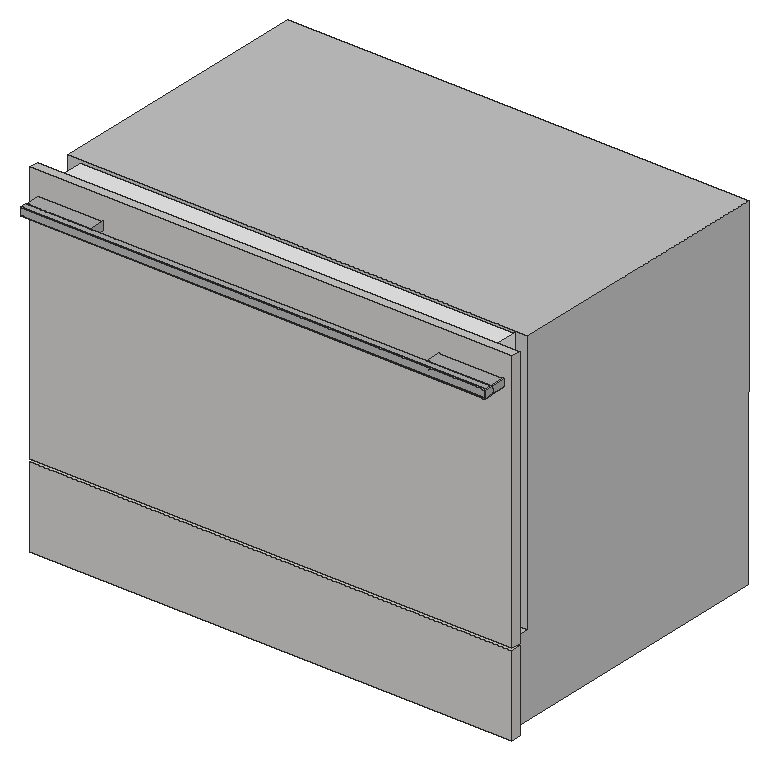
Revit family "FP-Revit20-en-RB90S64MKIW1-Cooldrawer-0-90004438A-CN", category Specialty Equipment, Revit 2020
Family settings
  Round Connector Dimension = Use Diameter
  Part Type = Normal
  Work Plane-Based = No
  Always vertical = Yes
  Cut with Voids When Loaded = Yes
  Shared = No
  Room Calculation Point = No
Parameters (values of type "RB90S64MKIW1 with F&P door panel kit 840545")
  Visibility - F&P contemporary square fine handle = no
  Visibility - F&P contemporary square fine black handle = no
  Visibility - Custom drawer panel (single) = no
  Visibility - F&P stainless door panel kit 840545 = no
  Visibility - F&P contemporary square handle = yes
  Visibility - Custom drawer panel (dual) = yes
  Visibility - F&P Contemporary round handle = no
  Visibility - Clearance Required = yes
  URL = "www.fisherpaykel.com"
  Product - Width = 855.0 mm  # constant formula
  Product - Height = 640.0 mm  # constant formula
  Product - Depth = 557.0 mm  # constant formula
  Drawer Panel Offset (distane below base of cooldrawer, max 30mm) [instance] = 0.0 mm
  Material - Trim = Fisher & Paykel - Stainless Steel
  Material - Structure = Fisher & Paykel - White
  Material - Door Panel [instance] = Fisher & Paykel - Stainless Steel
  Material - Body = Fisher & Paykel - Grey
  Manufacturer = "Fisher&Paykel"
  Handle Mounting Hole Height [instance] = 590.0 mm
  Drawer Panel - Width = 896.0 mm  # constant formula
  Drawer Panel Height (for single custom panel, min 630mm) [instance] = 640.0 mm
  Drawer Panel Height (for dual custom panels, min 476mm) [instance] = 486.0 mm
  Drawer Panel Thickness (16mm - 20mm) [instance] = 18.0 mm
  Description = "Series 9 Integrated Cooldrawer™"
  Model = "RB90S64MKIW1"
  Default Elevation = 0.0 mm
  Connector Description - Electrical = "110 V, 60 Hz, 186 W"
  Chassis - Width = 855.0 mm  # constant formula
  Chassis - Height = 640.0 mm  # constant formula
  Chassis - Depth = 557.0 mm  # constant formula
  Cavity - Width = 864.0 mm  # constant formula
  Cavity - Height = 644.0 mm  # constant formula
  Cavity - Depth = 560.0 mm  # constant formula
  FFL Offset [instance] = 86.0 mm
Types (4, lengths in mm): name | Visibility - Custom drawer panel (single) | Visibility - F&P contemporary square handle | Visibility - Custom drawer panel (dual) | Material - Trim | Material - Door Panel | Handle Mounting Hole Height | Drawer Panel Height (for single custom panel, min 630mm) | Drawer Panel Height (for dual custom panels, min 476mm) | Description
  RB90S64MKIW1 with custom drawer panel (dual) | no | yes | yes | Fisher & Paykel - Stainless Steel | Fisher & Paykel - Stainless Steel | 590.0 | 640.0 | 486.0 | "Series 9 Integrated Cooldrawer™"
  RB90S64MKIW1 with custom drawer panel (single) | yes | no | no | Fisher & Paykel - Stainless Steel | Fisher & Paykel - White | 590.0 | 630.0 | 476.0 | "90cm Cool Drawer"
  RB90S64MKIW1 | no | no | no | Fisher & Paykel - White | Fisher & Paykel - Stainless Steel | 582.0 | 630.0 | 476.0 | "90cm Cool Drawer"
  RB90S64MKIW1 with F&P door panel kit 840545 | no | yes | yes | Fisher & Paykel - Stainless Steel | Fisher & Paykel - Stainless Steel | 590.0 | 640.0 | 486.0 | "Series 9 Integrated Cooldrawer™"
Reference planes
  plane 1 "Datum": y = 0
  plane 2: z = 0
  plane 3 "Center (Left/Right)": x = 0
  plane 4 "Product - Depth": y = 557
  plane 5: x = -427.5
  plane 6: x = 427.5
  plane 7 "Chassis - Height": z = 726
  plane 8 "Door LHS": x = -448
  plane 9 "Door RHS": x = 448
  plane 10 "Cavity - Depth": y = 560
  plane 11 "Cavity - Height": z = 730
  plane 12 "Cavity - LHS": x = -432
  plane 13 "Cavity - RHS": x = 432
  plane 14 "Chassis": y = 45
  plane 15 "Door Panel": y = -18
  plane 16 "FFL Offset": z = 86
  plane 17 "Door Panel - Bottom": z = 240
  plane 18 "False Panel - Top": z = 236
  plane 19 "False Panel - Bottom": z = 86
  plane 20 "Handle Height": z = 676
Forms (mm)
  Extrusion 1, solid, material "Fisher & Paykel - Grey" <- "Material - Body"
    sketch origin (0, 0, 0) x (0, 1, 0) y (0, 0, 1)
      loop
        line (557, 86) -> (557, 726) -> (45, 726) -> (45, 236) -> (0, 236) -> (0, 86) -> (557, 86)
    from -427.5 to 427.5
  Extrusion 2, solid, material "Fisher & Paykel - Grey" <- "Material - Body", detail levels medium+fine
    sketch origin (-475.075, 0, -148.233) x (1, 0, 0) y (0, 0, 1)
      loop
        circle (287.575, 314.233) r 5
    from -557 to -560
  Extrusion 3, solid, material "Fisher & Paykel - White" <- "Material - Structure", detail levels medium+fine
    sketch origin (0, 0, 0) x (1, 0, 0) y (0, 0, 1)
      loop
        line (-402.5, 273) -> (-401.5, 273) -> (-401.5, 718) -> (401.5, 718) -> (401.5, 273) -> (402.5, 273) -> (402.5, 721) -> (-402.5, 721) -> (-402.5, 273)
    from -45 to 0
  Extrusion 4, solid, material "Fisher & Paykel - White" <- "Material - Structure"
    sketch origin (0, 0, 0) x (1, 0, 0) y (0, 0, 1)
      loop
        line (-401.5, 718) -> (-401.5, 273) -> (401.5, 273) -> (401.5, 718) -> (-401.5, 718)
    from -45 to -9
  Extrusion 5, solid, material "Fisher & Paykel - White" <- "Material - Structure", detail levels medium+fine
    sketch origin (0, 0, 0) x (1, 0, 0) y (0, 0, 1)
      loop
        line (-381.5, 673) -> (-381.5, 293) -> (381.5, 293) -> (381.5, 673) -> (-381.5, 673)
    from -9 to 0
  Extrusion 6, solid, material "Fisher & Paykel - Stainless Steel" <- "Material - Trim", detail levels medium+fine
    sketch origin (0, 0, 0) x (1, 0, 0) y (0, 0, 1)
      loop
        line (-379, 678.5) -> (-349, 678.5) -> (-349, 687.5)
        arc (-349, 687.5) -> (-350.757, 691.743) -> (-355, 693.5) r 6
        line (-355, 693.5) -> (-373, 693.5)
        arc (-373, 693.5) -> (-377.243, 691.743) -> (-379, 687.5) r 6
        line (-379, 687.5) -> (-379, 678.5)
      loop
        circle (-373, 687.5) r 2.5
      loop
        circle (-355, 687.5) r 2.5
      loop
        line (349, 678.5) -> (379, 678.5) -> (379, 687.5)
        arc (379, 687.5) -> (377.243, 691.743) -> (373, 693.5) r 6
        line (373, 693.5) -> (355, 693.5)
        arc (355, 693.5) -> (350.757, 691.743) -> (349, 687.5) r 6
        line (349, 687.5) -> (349, 678.5)
      loop
        circle (355, 687.5) r 2.5
      loop
        circle (373, 687.5) r 2.5
      loop
        line (-15, 287.5) -> (-15, 278.5)
        arc (-15, 278.5) -> (-13.243, 274.257) -> (-9, 272.5) r 6
        line (-9, 272.5) -> (9, 272.5)
        arc (9, 272.5) -> (13.243, 274.257) -> (15, 278.5) r 6
        line (15, 278.5) -> (15, 287.5) -> (-15, 287.5)
      loop
        circle (-9, 278.5) r 2.5
      loop
        circle (9, 278.5) r 2.5
    from -2.5 to 0
  Extrusion 7, solid, material "Fisher & Paykel - Stainless Steel" <- "Material - Trim", detail levels fine
    sketch origin (0, 0, 0) x (1, 0, 0) y (0, 1, 0)
      loop
        circle (-364.272, 4.531) r 2.497
      loop
        circle (364.512, 4.531) r 2.497
    from 673 to 678.5
  Extrusion 8, solid, material "Fisher & Paykel - Stainless Steel" <- "Material - Trim", detail levels fine
    sketch origin (0, 0, 0) x (1, 0, 0) y (0, 1, 0)
      loop
        circle (0, 5.242) r 2.5
    from 287.5 to 293
  Extrusion 9, solid, material "Fisher & Paykel - Clearance Required", visible <- "Visibility - Clearance Required", detail levels coarse
    sketch origin (0, 17.997, -93.995) x (0, 1, 0) y (0, 0, 1)
      loop
        line (-17.997, 836.995) -> (-537.997, 836.995) -> (-537.997, 777.995) -> (-578.997, 777.995) -> (-578.997, 761.994) -> (-537.997, 761.994) -> (-537.997, 179.995) -> (-17.997, 179.995) -> (-17.997, 836.995)
    from -450 to 450
  Extrusion 10, solid, material "Fisher & Paykel - Clearance Required", visible <- "Visibility - Clearance Required", detail levels coarse
    sketch origin (0, 0, 0) x (0, 1, 0) y (0, 0, 1)
      loop
        line (0, 730) -> (0, 86) -> (560, 86) -> (560, 730) -> (0, 730)
    from -432 to 432
  Extrusion 11, solid, material "Fisher & Paykel - Stainless Steel" <- "Material - Door Panel", visible <- "Visibility - Custom drawer panel (dual)"
    sketch origin (0, 0, 0) x (0, 1, 0) y (0, 0, 1)
      loop
        line (-18, 726) -> (-18, 240) -> (0, 240) -> (0, 726) -> (-18, 726)
    from -448 to 448
  Extrusion 12, solid, material "Fisher & Paykel - Grey" <- "Material - Body", detail levels fine
    sketch origin (0, 0, 0) x (0, 1, 0) y (0, 0, 1)
      loop
        line (2.5, 287.5) -> (2.5, 284.493) -> (8.055, 284.493) -> (8.055, 287.5) -> (2.5, 287.5)
    from -15 to 15
  Extrusion 13, solid, material "Fisher & Paykel - Grey" <- "Material - Body", detail levels fine
    sketch origin (0, 0, 0) x (0, 1, 0) y (0, 0, 1)
      loop
        line (2.5, 681.5) -> (2.5, 678.5) -> (8.055, 678.5) -> (8.055, 681.5) -> (2.5, 681.5)
    from 349 to 379
  Extrusion 14, solid, material "Fisher & Paykel - Grey" <- "Material - Body", detail levels fine
    sketch origin (0, 0, 0) x (0, 1, 0) y (0, 0, -1)
      loop
        line (2.5, -681.5) -> (8.055, -681.5) -> (8.055, -678.5) -> (2.5, -678.5) -> (2.5, -681.5)
    from 349 to 379
  Extrusion 15, solid, material "Fisher & Paykel - Stainless Steel" <- "Material - Door Panel", visible <- "Visibility - Custom drawer panel (dual)"
    sketch origin (0, 0, 0) x (0, 1, 0) y (0, 0, 1)
      loop
        line (-18, 236) -> (-18, 86) -> (0, 86) -> (0, 236) -> (-18, 236)
    from -448 to 448
  Extrusion 16, void
    sketch origin (0, 0, 0) x (0, 1, 0) y (0, 0, 1)
      loop
        line (-18, 743) -> (-18, 86) -> (0, 86) -> (0, 743) -> (-18, 743)
    from -450 to 450
  Extrusion 17, void
    sketch origin (0, 0, 0) x (0, 1, 0) y (0, 0, 1)
      loop
        line (0, 730) -> (0, 86) -> (560, 86) -> (560, 730) -> (0, 730)
    from -432 to 432
  Extrusion 18, solid, material "Fisher & Paykel - Stainless Steel" <- "Material - Door Panel", visible <- "Visibility - Custom drawer panel (single)"
    sketch origin (0, 0, 0) x (0, 1, 0) y (0, 0, 1)
      loop
        line (-18, 726) -> (-18, 86) -> (0, 86) -> (0, 726) -> (-18, 726)
    from -448 to 448
  Extrusion 19, solid, material "Fisher & Paykel - Stainless Steel" <- "Material - Door Panel", visible <- "Visibility - F&P stainless door panel kit 840545"
    sketch origin (0, 0, 146.144) x (0, 1, 0) y (0, 0, 1)
      loop
        line (-18, 594.856) -> (-18, 118.856) -> (0, 118.856) -> (0, 594.856) -> (-18, 594.856)
    from -448 to 448
Dimensions and locks
  "Product - Width": plane 5 to plane 6
  plane 8 "Door LHS" to plane 5 = 20.5 mm
  plane 9 "Door RHS" to plane 6 = 20.5 mm
  equal spacing: plane 12 "Cavity - LHS", plane 3 "Center (Left/Right)", plane 13 "Cavity - RHS"
  "Cavity - Width": plane 12 "Cavity - LHS" to plane 13 "Cavity - RHS"
  equal spacing: Extrusion 9, plane 3 "Center (Left/Right)", Extrusion 9
  Extrusion 9 to Extrusion 9 = 900.0 mm
  equal spacing: plane 5, plane 3 "Center (Left/Right)", plane 6
  equal spacing: plane 8 "Door LHS", plane 3 "Center (Left/Right)", plane 9 "Door RHS"
  "FFL Offset": plane 16 "FFL Offset" to plane 2
  "Chassis - Height": plane 16 "FFL Offset" to plane 7 "Chassis - Height"
  locked: Extrusion 1 to plane 16 "FFL Offset" at 150
  locked: plane 16 "FFL Offset" to Extrusion 2 sketch curve at 80
  locked: plane 7 "Chassis - Height" to Extrusion 5 at 53
  "Cavity - Height": plane 11 "Cavity - Height" to plane 16 "FFL Offset"
  "Drawer Panel - Width": plane 8 "Door LHS" to plane 9 "Door RHS"
  locked: Extrusion 9 to plane 8 "Door LHS" at 2
  locked: Extrusion 3 sketch curve to plane 7 "Chassis - Height" at 5
  locked: Extrusion 4 to plane 7 "Chassis - Height" at 8
  locked: plane 16 "FFL Offset" to Extrusion 3 sketch curve at 187  (x2)
  locked: Extrusion 13 to Extrusion 13 at 3
  locked: Extrusion 12 to Extrusion 12 at 3.007
  locked: Extrusion 12 to plane 16 "FFL Offset" at 201.5
  Extrusion 14 to plane 16 "FFL Offset" = 592.5 mm
  locked: Extrusion 5 to plane 16 "FFL Offset" at 207
  "Drawer Panel Thickness (16mm - 20mm)": plane 15 "Door Panel" to plane 1 "Datum"
  "Chassis - Depth": plane 1 "Datum" to plane 4 "Product - Depth"
  "Cavity - Depth": plane 1 "Datum" to plane 10 "Cavity - Depth"
  locked: plane 18 "False Panel - Top" to plane 17 "Door Panel - Bottom" at 4
  locked: Extrusion 6 to plane 7 "Chassis - Height" at 47.5
  "Drawer Panel Offset (distane below base of cooldrawer, max 30mm)": plane 16 "FFL Offset" to plane 19 "False Panel - Bottom"
  "Drawer Panel Height (for single custom panel, min 630mm)": Extrusion 18 to plane 19 "False Panel - Bottom"
  locked: plane 18 "False Panel - Top" to plane 16 "FFL Offset" at 150
  locked: Extrusion 19 to plane 16 "FFL Offset" at 179
  locked: Extrusion 19 to Extrusion 19 at 476
  locked: Extrusion 9 to Extrusion 19 at 2
  "Drawer Panel Height (for dual custom panels, min 476mm)": plane 17 "Door Panel - Bottom" to Extrusion 11
  "Handle Mounting Hole Height": plane 20 "Handle Height" to plane 16 "FFL Offset"
  locked: Extrusion 9 sketch curve to plane 20 "Handle Height" at 8
  locked: plane 20 "Handle Height" to Extrusion 9 sketch curve at 8.001
  locked: nested 4 to plane 20 "Handle Height" at 8
  aligned and locked: plane 2 to level
  aligned and locked: plane 4 "Product - Depth" to Extrusion 1 sketch curve
  aligned and locked: Extrusion 1 to plane 6
  aligned and locked: plane 5 to Extrusion 1
  aligned and locked: Extrusion 2 to plane 4 "Product - Depth"
  aligned and locked: Extrusion 10 sketch curve to plane 10 "Cavity - Depth"
  aligned and locked: Extrusion 11 to plane 9 "Door RHS"
  aligned and locked: Extrusion 11 to plane 8 "Door LHS"
  aligned and locked: plane 10 "Cavity - Depth" to Extrusion 2
  aligned and locked: plane 4 "Product - Depth" to Extrusion 1
  aligned and locked: Extrusion 9 to plane 1 "Datum"
  aligned and locked: plane 14 "Chassis" to Extrusion 1
  aligned and locked: plane 15 "Door Panel" to Extrusion 11
  aligned and locked: plane 1 "Datum" to Extrusion 6
  aligned and locked: plane 16 "FFL Offset" to Extrusion 1
  aligned and locked: Extrusion 3 to Extrusion 4  (x2)
  aligned and locked: Extrusion 1 to plane 7 "Chassis - Height"
  aligned and locked: Extrusion 7 to Extrusion 5
  aligned and locked: Extrusion 7 to Extrusion 6
  aligned and locked: Extrusion 10 to plane 16 "FFL Offset"
  aligned and locked: plane 11 "Cavity - Height" to Extrusion 10
  aligned and locked: Extrusion 6 sketch curve to Extrusion 6 sketch curve
  aligned and locked: Extrusion 6 to Extrusion 13  (x3)
  aligned and locked: Extrusion 6 to Extrusion 12
  aligned and locked: Extrusion 12 to Extrusion 6  (x2)
  aligned and locked: Extrusion 6 to Extrusion 14  (x3)
  aligned and locked: Extrusion 6 to Extrusion 6
  aligned and locked: Extrusion 9 to Extrusion 9
  aligned and locked: Extrusion 11 to Extrusion 15
  aligned and locked: Extrusion 15 to plane 1 "Datum"
  aligned and locked: plane 17 "Door Panel - Bottom" to Extrusion 11
  aligned and locked: plane 18 "False Panel - Top" to Extrusion 15
  aligned and locked: plane 19 "False Panel - Bottom" to Extrusion 15
  aligned and locked: Extrusion 9 to plane 19 "False Panel - Bottom"
  aligned and locked: Extrusion 15 to Extrusion 11  (x2)
  aligned and locked: Extrusion 8 to Extrusion 5
  aligned and locked: Extrusion 6 to Extrusion 8
  aligned and locked: plane 16 "FFL Offset" to Extrusion 17 sketch curve
  aligned and locked: Extrusion 17 sketch curve to plane 10 "Cavity - Depth"
  aligned and locked: Extrusion 17 sketch curve to plane 11 "Cavity - Height"
  aligned and locked: Extrusion 17 sketch curve to plane 1 "Datum"
  aligned and locked: plane 13 "Cavity - RHS" to Extrusion 17
  aligned and locked: Extrusion 17 to plane 12 "Cavity - LHS"
  aligned and locked: plane 15 "Door Panel" to Extrusion 18 sketch curve
  aligned and locked: plane 1 "Datum" to Extrusion 18 sketch curve
  aligned and locked: Extrusion 18 to plane 9 "Door RHS"
  aligned and locked: Extrusion 18 to plane 8 "Door LHS"
  aligned and locked: Extrusion 18 to plane 19 "False Panel - Bottom"
  aligned and locked: Extrusion 16 to plane 19 "False Panel - Bottom"
  aligned and locked: plane 15 "Door Panel" to Extrusion 19 sketch curve
  aligned and locked: plane 1 "Datum" to Extrusion 19 sketch curve
  aligned and locked: Extrusion 19 to plane 9 "Door RHS"
  aligned and locked: Extrusion 19 to plane 8 "Door LHS"
  aligned and locked: Extrusion 18 to plane 7 "Chassis - Height"
Automatic sketch dimensions
  plane 7 "Chassis - Height" to Extrusion 1 sketch curve = 0.0 mm
  Extrusion 1 sketch curve to plane 14 "Chassis" = 0.0 mm
  Extrusion 1 sketch curve to plane 16 "FFL Offset" = 0.0 mm
  plane 16 "FFL Offset" to Extrusion 1 sketch curve = 150.0 mm
  Extrusion 2 sketch curve to plane 3 "Center (Left/Right)" = 187.5 mm
  Extrusion 3 sketch curve to plane 5 = 25.0 mm
  Extrusion 3 sketch curve to Extrusion 3 sketch curve = 1.0 mm  (x2)
  plane 6 to Extrusion 3 sketch curve = 26.0 mm
  Extrusion 3 sketch curve to Extrusion 3 sketch curve = 3.0 mm
  Extrusion 4 sketch curve to plane 5 = 26.0 mm
  plane 7 "Chassis - Height" to Extrusion 4 sketch curve = 8.0 mm
  plane 6 to Extrusion 4 sketch curve = 26.0 mm
  plane 16 "FFL Offset" to Extrusion 4 sketch curve = 187.0 mm
  Extrusion 5 sketch curve to plane 5 = 46.0 mm
  plane 6 to Extrusion 5 sketch curve = 46.0 mm
  plane 16 "FFL Offset" to Extrusion 5 sketch curve = 207.0 mm
  Extrusion 6 sketch curve to Extrusion 6 sketch curve = 0.0 mm  (x16)
  Extrusion 6 sketch curve to plane 5 = 48.5 mm
  Extrusion 6 sketch curve to Extrusion 6 sketch curve = 6.0 mm  (x6)
  Extrusion 6 sketch curve to Extrusion 6 sketch curve = 18.0 mm  (x2)
  Extrusion 6 sketch curve to plane 3 "Center (Left/Right)" = 15.0 mm
  plane 3 "Center (Left/Right)" to Extrusion 6 sketch curve = 9.0 mm
  plane 6 to Extrusion 6 sketch curve = 78.5 mm
  plane 16 "FFL Offset" to Extrusion 6 sketch curve = 201.5 mm
  Extrusion 6 sketch curve to Extrusion 6 sketch curve = 9.0 mm  (x2)
  Extrusion 7 sketch curve to plane 1 "Datum" = 4.531 mm  (x2)
  Extrusion 7 sketch curve to plane 5 = 63.228 mm
  plane 6 to Extrusion 7 sketch curve = 62.988 mm
  Extrusion 8 sketch curve to plane 3 "Center (Left/Right)" = 0.0 mm
  Extrusion 8 sketch curve to plane 1 "Datum" = 5.242 mm
  Extrusion 10 sketch curve to plane 1 "Datum" = 0.0 mm
  Extrusion 10 sketch curve to plane 16 "FFL Offset" = 0.0 mm
  Extrusion 10 sketch curve to plane 11 "Cavity - Height" = 0.0 mm
  Extrusion 11 sketch curve to plane 15 "Door Panel" = 0.0 mm
  Extrusion 11 sketch curve to plane 1 "Datum" = 0.0 mm
  plane 16 "FFL Offset" to Extrusion 11 sketch curve = 154.0 mm
  Extrusion 12 sketch curve to plane 1 "Datum" = 2.5 mm
  Extrusion 12 sketch curve to Extrusion 12 sketch curve = 5.555 mm
  plane 16 "FFL Offset" to Extrusion 12 sketch curve = 198.493 mm
  Extrusion 12 sketch curve to Extrusion 12 sketch curve = 3.007 mm
  Extrusion 13 sketch curve to plane 1 "Datum" = 2.5 mm
  Extrusion 13 sketch curve to Extrusion 13 sketch curve = 5.555 mm
  Extrusion 13 sketch curve to Extrusion 13 sketch curve = 3.0 mm
  Extrusion 14 sketch curve to plane 1 "Datum" = 2.5 mm
  Extrusion 14 sketch curve to Extrusion 14 sketch curve = 5.555 mm
  Extrusion 14 sketch curve to Extrusion 14 sketch curve = 3.0 mm
  Extrusion 15 sketch curve to plane 15 "Door Panel" = 0.0 mm
  Extrusion 15 sketch curve to plane 1 "Datum" = 0.0 mm
  Extrusion 15 sketch curve to plane 16 "FFL Offset" = 0.0 mm
  Extrusion 15 sketch curve to Extrusion 15 sketch curve = 150.0 mm
  Extrusion 1 sketch curve to plane 1 "Datum" = 0.0 mm
  Extrusion 11 sketch curve to plane 11 "Cavity - Height" = 4.0 mm
  level to Extrusion 18 sketch curve = 86.0 mm
  Extrusion 16 sketch curve to plane 15 "Door Panel" = 0.0 mm
  level to Extrusion 16 sketch curve = 86.0 mm
  Extrusion 16 sketch curve to plane 1 "Datum" = 0.0 mm
  plane 16 "FFL Offset" to Extrusion 19 sketch curve = 179.0 mm
  plane 11 "Cavity - Height" to Extrusion 19 sketch curve = 11.0 mm
  Extrusion 9 sketch curve to plane 16 "FFL Offset" = 0.0 mm
  Extrusion 9 sketch curve to plane 1 "Datum" = 0.0 mm
  Extrusion 9 sketch curve to plane 15 "Door Panel" = 502.0 mm
  Extrusion 9 sketch curve to Extrusion 9 sketch curve = 0.0 mm
  Extrusion 9 sketch curve to Extrusion 9 sketch curve = 41.0 mm
  plane 11 "Cavity - Height" to Extrusion 16 sketch curve = 13.0 mm
  plane 11 "Cavity - Height" to Extrusion 9 sketch curve = 13.0 mm
  plane 7 "Chassis - Height" to Extrusion 18 sketch curve = 0.0 mm
  plane 7 "Chassis - Height" to Extrusion 5 sketch curve = 53.0 mm
  plane 7 "Chassis - Height" to Extrusion 6 sketch curve = 47.5 mm  (x2)
  plane 7 "Chassis - Height" to Extrusion 13 sketch curve = 47.5 mm
  plane 7 "Chassis - Height" to Extrusion 14 sketch curve = 44.5 mm
  radius of Extrusion 2 sketch curve = 5.0 mm
  radius of Extrusion 6 sketch curve = 2.5 mm  (x6)
  radius of Extrusion 7 sketch curve = 2.497 mm  (x2)
  radius of Extrusion 8 sketch curve = 2.5 mm
Nested families
  nested 1: "F&P Handle Kit - Contemporary Round - Horizontal" at (0, -18, 676), visible <- "Visibility - F&P Contemporary round handle", type "25330 AHS-RB90S - Contemporary round handle"
  nested 2: "F&P Handle Kit - Contemporary Square - Horizontal" at (0, -18, 676.022), visible <- "Visibility - F&P contemporary square handle", type "25631 AHD3RB90S - Contemporary square handle"
    with Handle - Length 866.0 mm
  nested 3: "F&P Handle Kit - Contemporary Square Fine - Horizontal" at (0, -18, 676.022), visible <- "Visibility - F&P contemporary square fine black handle", type "25905 AHD5RD90SB - Contemporary square fine black handle"
  nested 4: "F&P Handle Kit - Contemporary Square Fine - Horizontal" at (0, -18, 676.022), visible <- "Visibility - F&P contemporary square fine handle", type "25860 AHD5RD36S - Contemporary square fine handle"
  nested 5: "F&P Handle Kit - Contemporary Round - Horizontal" at (0, -18, 668), visible <- "Visibility - F&P Contemporary round handle", type "25330 AHS-RB90S - Contemporary round handle", not visible
  nested 6: "F&P Handle Kit - Contemporary Square - Horizontal" at (0, -18, 668.022), visible <- "Visibility - F&P contemporary square handle", type "25631 AHD3RB90S - Contemporary square handle", not visible
    with Handle - Length 866.0 mm
  nested 7: "F&P Handle Kit - Contemporary Square Fine - Horizontal" at (0, -18, 668.022), visible <- "Visibility - F&P contemporary square fine black handle", type "25905 AHD5RD90SB - Contemporary square fine black handle", not visible
  nested 8: "F&P Handle Kit - Contemporary Square Fine - Horizontal" at (0, -18, 668.022), visible <- "Visibility - F&P contemporary square fine handle", type "25860 AHD5RD36S - Contemporary square fine handle", not visible
Connectors
  electrical at (-187.5, 560, 166), driven by "Connector Description - Electrical"
    settings: on Extrusion 2, index 1, voltage 110 V, apparent load 0 VA, apparent load phase1 0 VA, apparent load phase2 0 VA, apparent load phase3 0 VA, power factor 1, load classification "Other", number of poles 1, system type 30, power factor state 1, is connector primary yes, connector utility no, sub classification motor no, connector description "110 V, 60 Hz, 186 W"
Definition of nested family "F&P Handle Kit - Contemporary Round - Horizontal"
  Parameters (values of type "25330 AHS-RB90S - Contemporary round handle")
    URL = "www.fisherpaykel.com"
    Product - Width = 866.0 mm
    Model = ""
    Material - Handle = none
    Manufacturer = "Fisher & Paykel Appliances"
    Description = "Kit for Cooldrawer"
    Default Elevation = 0.0 mm
  Reference planes
    plane 1 "Center (Front/Back)": y = 0
    plane 2: z = 0
    plane 3 "Center (Left/Right)": x = 0
    plane 4 "Product LHS": x = -433
    plane 5 "Product RHS": x = 433
    plane 6 "LHS Standoff": x = -312.995
    plane 7 "RHS Standoff": x = 313.005
  Forms (mm)
    Extrusion 1, solid, material <- "Material - Handle"
      sketch origin (0, 0, 0) x (0, 1, 0) y (0, 0, 1)
        loop
          circle (-32.3, 0) r 8.7
      from -312.995 to 313.005
    Extrusion 2, solid, material <- "Material - Handle", detail levels fine
      sketch origin (0, 0, 0) x (0, 1, 0) y (0, 0, 1)
        loop
          line (0, 8.7) -> (-32.3, 8.7)
          arc (-32.3, 8.7) -> (-41, 0) -> (-32.3, -8.7) r 8.7
          line (-32.3, -8.7) -> (0, -8.7) -> (0, 8.7)
      from 313.005 to 433
    Extrusion 3, solid, material <- "Material - Handle", detail levels fine
      sketch origin (0, 0, 0) x (0, 1, 0) y (0, 0, -1)
        loop
          line (0, -8.7) -> (0, 8.7) -> (-32.3, 8.7)
          arc (-32.3, 8.7) -> (-41, 0) -> (-32.3, -8.7) r 8.7
          line (-32.3, -8.7) -> (0, -8.7)
      from 312.995 to 433
    Sweep 4, void
      path in 3D
        loop
          line (433, 0, 8.7) -> (433, -32.3, 8.7)
          arc (433, -32.3, 8.7) -> (433, -41, 0) -> (433, -32.3, -8.7) r 8.7
          line (433, -32.3, -8.7) -> (433, 0, -8.7)
      profile origin (433, -16.15, 8.7) x (1, 0, 0) y (0, 0, 1)
        loop
          line (0, 0) -> (-1, 0) -> (0, -1) -> (0, 0)
    Sweep 5, void
      path in 3D
        loop
          line (-433, 0, -8.7) -> (-433, -32.3, -8.7)
          arc (-433, -32.3, -8.7) -> (-433, -41, 0) -> (-433, -32.3, 8.7) r 8.7
          line (-433, -32.3, 8.7) -> (-433, 0, 8.7)
      profile origin (-433, -16.15, 8.7) x (-1, 0, 0) y (0, 0, 1)
        loop
          line (0, 0) -> (-1, 0) -> (0, -1) -> (0, 0)
    Extrusion 6, solid, material <- "Material - Handle", detail levels coarse+medium
      sketch origin (0, 0, 0) x (0, 1, 0) y (0, 0, 1)
        loop
          line (0, 8.7) -> (-32.3, 8.7)
          arc (-32.3, 8.7) -> (-41, 0) -> (-32.3, -8.7) r 8.7
          line (-32.3, -8.7) -> (0, -8.7) -> (0, 8.7)
      from 313.005 to 433
    Extrusion 7, solid, material <- "Material - Handle", detail levels coarse+medium
      sketch origin (0, 0, 0) x (0, 1, 0) y (0, 0, -1)
        loop
          line (0, -8.7) -> (0, 8.7) -> (-32.3, 8.7)
          arc (-32.3, 8.7) -> (-41, 0) -> (-32.3, -8.7) r 8.7
          line (-32.3, -8.7) -> (0, -8.7)
      from 312.995 to 433
  Cuts and joins
    Sweep 4 cuts Extrusion 2
    Sweep 5 cuts Extrusion 3
  Lines and regions (mm)
    sketch lines
      curve 1: line (433, 0, 8.7) -> (433, -32.3, 8.7)
      curve 2: arc (433, -32.3, -8.7) -> (433, -41, 0) -> (433, -32.3, 8.7) r 8.7
      curve 3: line (433, -32.3, -8.7) -> (433, 0, -8.7)
      curve 4: line (-433, -32.3, 8.7) -> (-433, 0, 8.7)
      curve 5: arc (-433, -32.3, 8.7) -> (-433, -41, 0) -> (-433, -32.3, -8.7) r 8.7
      curve 6: line (-433, 0, -8.7) -> (-433, -32.3, -8.7)
  Dimensions and locks
    equal spacing: plane 4 "Product LHS", plane 3 "Center (Left/Right)", plane 5 "Product RHS"
    "Product - Width": plane 4 "Product LHS" to plane 5 "Product RHS"
    locked: plane 4 "Product LHS" to plane 6 "LHS Standoff" at 120.005
    locked: plane 7 "RHS Standoff" to plane 5 "Product RHS" at 119.995
    equal spacing: Extrusion 2 sketch curve, level, Extrusion 2 sketch curve
    Extrusion 3 sketch curve to Extrusion 3 sketch curve = 17.4 mm
    Extrusion 6 sketch curve to Extrusion 6 sketch curve = 17.4 mm
    Extrusion 7 sketch curve to Extrusion 7 sketch curve = 17.4 mm
    aligned and locked: level to plane 2
    aligned and locked: plane 7 "RHS Standoff" to Extrusion 1
    aligned and locked: Extrusion 2 to Extrusion 1
    aligned and locked: Extrusion 2 to plane 5 "Product RHS"
    aligned and locked: plane 4 "Product LHS" to Extrusion 3
    aligned and locked: plane 6 "LHS Standoff" to Extrusion 3
    aligned and locked: Extrusion 1 to plane 6 "LHS Standoff"
    aligned and locked: Extrusion 6 to Extrusion 1
    aligned and locked: Extrusion 6 to plane 5 "Product RHS"
    aligned and locked: plane 4 "Product LHS" to Extrusion 7
    aligned and locked: Extrusion 7 to Extrusion 1
  Automatic sketch dimensions
    Extrusion 1 sketch curve to level = 0.0 mm
    plane 1 "Center (Front/Back)" to Extrusion 1 sketch curve = 32.3 mm
    Extrusion 2 sketch curve to plane 1 "Center (Front/Back)" = 0.0 mm
    Extrusion 2 sketch curve to level = 8.7 mm
    plane 1 "Center (Front/Back)" to Extrusion 2 sketch curve = 32.3 mm
    Extrusion 3 sketch curve to level = 0.0 mm
    Extrusion 3 sketch curve to plane 1 "Center (Front/Back)" = 0.0 mm
    Extrusion 3 sketch curve to level = 8.7 mm
    plane 1 "Center (Front/Back)" to Extrusion 3 sketch curve = 32.3 mm
    Sweep 4 sketch curve to profile plane = 0.0 mm
    profile plane to Sweep 4 sketch curve = 0.0 mm
    profile plane to Sweep 4 sketch curve = 1.0 mm
    Sweep 4 sketch curve to profile plane = 1.0 mm
    Sweep 5 sketch curve to profile plane = 0.0 mm  (x2)
    profile plane to Sweep 5 sketch curve = 1.0 mm
    Sweep 5 sketch curve to profile plane = 1.0 mm
    Extrusion 6 sketch curve to level = 0.0 mm
    level to Extrusion 6 sketch curve = 8.7 mm
    plane 1 "Center (Front/Back)" to Extrusion 6 sketch curve = 32.3 mm
    Extrusion 6 sketch curve to Extrusion 6 sketch curve = 32.3 mm
    Extrusion 7 sketch curve to level = 0.0 mm
    level to Extrusion 7 sketch curve = 8.7 mm
    plane 1 "Center (Front/Back)" to Extrusion 7 sketch curve = 32.3 mm
    Extrusion 7 sketch curve to Extrusion 7 sketch curve = 32.3 mm
    radius of Extrusion 1 sketch curve = 8.7 mm
Definition of nested family "F&P Handle Kit - Contemporary Square - Horizontal"
  Parameters (values of type "25668 AHD3RB90S US - Contemporary square handle")
    URL = "www.fisherpaykel.com"
    Material - Handle = none
    Manufacturer = "Fisher & Paykel Appliances"
    Handle - Length = 727.0 mm
    Description = ""
    Default Elevation = 0.0 mm
  Types (13, lengths in mm): name | Handle - Length
    AHD3RD2484W - Contemporary square handle (2 of 2) (Horizontal) 494mm | 494.0
    AHD3RD3084W - Contemporary square handle (2 of 2) (Horizontal) 646mm | 646.0
    AHD3RS3272A - Contemporary square handle (2 of 2) (Horizontal) 646mm | 646.0
    AHD3RS80A - Contemporary square handle (2 of 2) (Horizontal) 646mm | 646.0
    AHD3RD6121W - Contemporary square handle (2 of 2) (Horizontal) 494mm | 494.0
    AHD3RD7621W - Contemporary square handle (2 of 2) (Horizontal) 646mm | 646.0
    RS36A - Contemporary square handle (2 of 2) (Horizontal) 746mm | 746.0
    RS90A - Contemporary square handle (2 of 2) (Horizontal) 746mm | 746.0
    RS36W - Contemporary square handle (2 of 2) (Horizontal) 727mm | 727.0
    RS36WC - Contemporary square handle (2 of 2) (Horizontal) 727mm | 727.0
    RS91W - Contemporary square handle (2 of 2) (Horizontal) 727mm | 727.0
    25631 AHD3RB90S - Contemporary square handle | 727.0
    25668 AHD3RB90S US - Contemporary square handle | 727.0
  Reference planes
    plane 1 "Center (Front/Back)": y = 0
    plane 2: z = 0
    plane 3 "Center (Left/Right)": x = 0
    plane 4 "Product LHS": x = -363.5
    plane 5 "Product RHS": x = 363.5
    plane 6 "LHS Standoff": x = -243.495
    plane 7 "RHS Standoff": x = 243.505
  Forms (mm)
    Extrusion 1, solid, material <- "Material - Handle", detail levels fine
      sketch origin (0, 0, 0) x (0, 1, 0) y (0, 0, 1)
        loop
          arc (-28.701, 7.561) -> (-29.057, 7.868) -> (-29.514, 7.978) r 1
          line (-29.514, 7.978) -> (-40.5, 7.978)
          arc (-40.5, 7.978) -> (-41.561, 7.539) -> (-42, 6.478) r 1.5
          line (-42, 6.478) -> (-42, -6.522)
          arc (-42, -6.522) -> (-41.561, -7.583) -> (-40.5, -8.022) r 1.5
          line (-40.5, -8.022) -> (-29.487, -8.022)
          arc (-29.487, -8.022) -> (-29.029, -7.911) -> (-28.673, -7.602) r 1
          arc (-28.673, -7.602) -> (-26.256, -0.016) -> (-28.701, 7.561) r 13.038
      from -363.5 to 363.5
    Extrusion 2, solid, material <- "Material - Handle", detail levels fine
      sketch origin (0, 0, 0) x (0, 1, 0) y (0, 0, 1)
        loop
          arc (-28.23, 7.062) -> (-26.156, 0.008) -> (-28.198, -7.056) r 13.136
          arc (-28.198, -7.056) -> (-28.21, -7.463) -> (-27.86, -7.67) r 0.4
          line (-27.86, -7.67) -> (0, -7.67) -> (0, 7.678) -> (-27.893, 7.678)
          arc (-27.893, 7.678) -> (-28.244, 7.47) -> (-28.23, 7.062) r 0.4
      from 243.505 to 363.5
    Extrusion 3, solid, material <- "Material - Handle", detail levels fine
      sketch origin (0, 0, 0) x (0, 1, 0) y (0, 0, -1)
        loop
          arc (-28.23, -7.062) -> (-28.244, -7.47) -> (-27.893, -7.678) r 0.4
          line (-27.893, -7.678) -> (0, -7.678) -> (0, 7.67) -> (-27.86, 7.67)
          arc (-27.86, 7.67) -> (-28.21, 7.463) -> (-28.198, 7.056) r 0.4
          arc (-28.198, 7.056) -> (-26.156, -0.008) -> (-28.23, -7.062) r 13.136
      from 243.495 to 363.5
    Sweep 4, void
      path in 3D
        loop
          line (363.5, -29.514, 7.978) -> (363.5, -40.5, 7.978)
          arc (363.5, -40.5, 7.978) -> (363.5, -41.561, 7.539) -> (363.5, -42, 6.478) r 1.5
          line (363.5, -42, 6.478) -> (363.5, -42, -6.522)
          arc (363.5, -42, -6.522) -> (363.5, -41.561, -7.583) -> (363.5, -40.5, -8.022) r 1.5
          line (363.5, -40.5, -8.022) -> (363.5, -29.487, -8.022)
      profile origin (363.5, -35.007, 7.978) x (1, 0, 0) y (0, 0, 1)
        loop
          line (0, 0) -> (-1.3, 0) -> (0, -1.3) -> (0, 0)
    Sweep 5, void
      path in 3D
        loop
          line (-363.5, -29.487, -8.022) -> (-363.5, -40.5, -8.022)
          arc (-363.5, -40.5, -8.022) -> (-363.5, -41.561, -7.583) -> (-363.5, -42, -6.522) r 1.5
          line (-363.5, -42, -6.522) -> (-363.5, -42, 6.478)
          arc (-363.5, -42, 6.478) -> (-363.5, -41.561, 7.539) -> (-363.5, -40.5, 7.978) r 1.5
          line (-363.5, -40.5, 7.978) -> (-363.5, -29.514, 7.978)
      profile origin (-363.5, -35.007, 7.978) x (-1, 0, 0) y (0, 0, 1)
        loop
          line (0, 0) -> (-1.3, 0) -> (0, -1.3) -> (0, 0)
    Extrusion 6, void
      sketch origin (0, 0, 0) x (1, 0, 0) y (0, 0, 1)
        loop
          line (363.5, 7.978) -> (362.2, 7.978) -> (363.5, 6.678) -> (363.5, 7.978)
        loop
          line (363.5, -8.022) -> (363.5, -6.722) -> (362.2, -8.022) -> (363.5, -8.022)
      from 0 to 40
    Extrusion 7, void
      sketch origin (0, 0, 0) x (1, 0, 0) y (0, 0, 1)
        loop
          line (-363.5, 7.978) -> (-363.5, 6.678) -> (-362.2, 7.978) -> (-363.5, 7.978)
        loop
          line (-363.5, -8.022) -> (-362.2, -8.022) -> (-363.5, -6.722) -> (-363.5, -8.022)
      from 0 to 40
    Extrusion 8, solid, material <- "Material - Handle", detail levels coarse+medium
      sketch origin (0, 0, 0) x (1, 0, 0) y (0, 1, 0)
        loop
          line (-363.5, -42) -> (363.5, -42) -> (363.5, 0) -> (243.505, 0) -> (243.505, -26.156) -> (-243.495, -26.156) -> (-243.495, 0) -> (-363.5, 0) -> (-363.5, -42)
      from -8.022 to 7.978
  Cuts and joins
    Sweep 4, Sweep 5, Extrusion 6, Extrusion 7 cuts Extrusion 1
    Extrusion 6 cuts Extrusion 2
    Extrusion 7 cuts Extrusion 3
  Lines and regions (mm)
    sketch lines
      curve 1: line (363.5, -29.514, 7.978) -> (363.5, -40.5, 7.978)
      curve 2: arc (363.5, -42, 6.478) -> (363.5, -41.561, 7.539) -> (363.5, -40.5, 7.978) r 1.5
      curve 3: line (363.5, -42, 6.478) -> (363.5, -42, -6.522)
      curve 4: arc (363.5, -40.5, -8.022) -> (363.5, -41.561, -7.583) -> (363.5, -42, -6.522) r 1.5
      curve 5: line (363.5, -40.5, -8.022) -> (363.5, -29.487, -8.022)
      curve 6: line (-363.5, -40.5, 7.978) -> (-363.5, -29.514, 7.978)
      curve 7: arc (-363.5, -40.5, 7.978) -> (-363.5, -41.561, 7.539) -> (-363.5, -42, 6.478) r 1.5
      curve 8: line (-363.5, -42, -6.522) -> (-363.5, -42, 6.478)
      curve 9: arc (-363.5, -42, -6.522) -> (-363.5, -41.561, -7.583) -> (-363.5, -40.5, -8.022) r 1.5
      curve 10: line (-363.5, -29.487, -8.022) -> (-363.5, -40.5, -8.022)
  Dimensions and locks
    equal spacing: plane 4 "Product LHS", plane 3 "Center (Left/Right)", plane 5 "Product RHS"
    "Handle - Length": plane 4 "Product LHS" to plane 5 "Product RHS"
    locked: plane 4 "Product LHS" to plane 6 "LHS Standoff" at 120.005
    locked: plane 7 "RHS Standoff" to plane 5 "Product RHS" at 119.995
    aligned and locked: level to plane 2
    aligned and locked: Extrusion 1 to plane 5 "Product RHS"
    aligned and locked: plane 4 "Product LHS" to Extrusion 1
    aligned and locked: Extrusion 2 to plane 5 "Product RHS"
    aligned and locked: plane 4 "Product LHS" to Extrusion 3
    aligned and locked: plane 4 "Product LHS" to Extrusion 8 sketch curve
    aligned and locked: Extrusion 8 sketch curve to plane 5 "Product RHS"
    aligned and locked: Extrusion 8 sketch curve to plane 7 "RHS Standoff"
    aligned and locked: plane 6 "LHS Standoff" to Extrusion 8 sketch curve
    aligned and locked: Extrusion 2 to plane 7 "RHS Standoff"
    aligned and locked: plane 6 "LHS Standoff" to Extrusion 3
  Automatic sketch dimensions
    Extrusion 1 sketch curve to level = 6.522 mm
    plane 1 "Center (Front/Back)" to Extrusion 1 sketch curve = 42.0 mm
    Extrusion 1 sketch curve to Extrusion 1 sketch curve = 1.5 mm  (x2)
    Extrusion 1 sketch curve to level = 0.04 mm
    Extrusion 1 sketch curve to Extrusion 1 sketch curve = 1.206 mm
    level to Extrusion 1 sketch curve = 6.978 mm
    Extrusion 1 sketch curve to Extrusion 1 sketch curve = 10.986 mm
    Extrusion 1 sketch curve to Extrusion 1 sketch curve = 11.013 mm
    Extrusion 1 sketch curve to Extrusion 1 sketch curve = 1.0 mm
    level to Extrusion 1 sketch curve = 6.478 mm
    Extrusion 1 sketch curve to Extrusion 1 sketch curve = 0.0 mm
    Extrusion 2 sketch curve to plane 1 "Center (Front/Back)" = 0.0 mm
    Extrusion 2 sketch curve to level = 7.67 mm
    Extrusion 2 sketch curve to Extrusion 2 sketch curve = 27.86 mm
    level to Extrusion 2 sketch curve = 7.678 mm
    Extrusion 2 sketch curve to Extrusion 2 sketch curve = 0.033 mm
    Extrusion 2 sketch curve to level = 0.022 mm
    Extrusion 2 sketch curve to Extrusion 2 sketch curve = 11.398 mm
    Extrusion 2 sketch curve to Extrusion 2 sketch curve = 0.4 mm  (x2)
    Extrusion 2 sketch curve to Extrusion 2 sketch curve = 0.0 mm
    Extrusion 3 sketch curve to plane 1 "Center (Front/Back)" = 0.0 mm
    Extrusion 3 sketch curve to level = 7.67 mm
    Extrusion 3 sketch curve to Extrusion 3 sketch curve = 27.86 mm
    level to Extrusion 3 sketch curve = 7.678 mm
    Extrusion 3 sketch curve to Extrusion 3 sketch curve = 0.033 mm
    Extrusion 3 sketch curve to level = 0.022 mm
    Extrusion 3 sketch curve to Extrusion 3 sketch curve = 11.398 mm
    Extrusion 3 sketch curve to Extrusion 3 sketch curve = 0.4 mm  (x2)
    Extrusion 3 sketch curve to Extrusion 3 sketch curve = 0.0 mm
    profile plane to Sweep 4 sketch curve = 0.0 mm
    Sweep 4 sketch curve to profile plane = 0.0 mm
    Sweep 4 sketch curve to profile plane = 1.3 mm
    profile plane to Sweep 4 sketch curve = 1.3 mm
    Sweep 5 sketch curve to profile plane = 0.0 mm  (x2)
    profile plane to Sweep 5 sketch curve = 1.3 mm
    Sweep 5 sketch curve to profile plane = 1.3 mm
    plane 5 "Product RHS" to Extrusion 6 sketch curve = 0.0 mm  (x2)
    Extrusion 6 sketch curve to Extrusion 6 sketch curve = 1.3 mm  (x4)
    Extrusion 6 sketch curve to level = 6.722 mm
    level to Extrusion 6 sketch curve = 6.678 mm
    plane 4 "Product LHS" to Extrusion 7 sketch curve = 0.0 mm  (x2)
    Extrusion 7 sketch curve to plane 4 "Product LHS" = 1.3 mm  (x2)
    Extrusion 7 sketch curve to level = 8.022 mm
    level to Extrusion 7 sketch curve = 6.678 mm
    Extrusion 7 sketch curve to Extrusion 7 sketch curve = 1.3 mm  (x2)
    plane 1 "Center (Front/Back)" to Extrusion 8 sketch curve = 0.0 mm  (x2)
    Extrusion 8 sketch curve to Extrusion 8 sketch curve = 26.156 mm
    Extrusion 8 sketch curve to Extrusion 8 sketch curve = 42.0 mm
Definition of nested family "F&P Handle Kit - Contemporary Square Fine - Horizontal"
  Parameters (values of type "25860 AHD5RD36S - Contemporary square fine handle")
    URL = "www.fisherpaykel.com"
    Material - Handle = none
    Manufacturer = "Fisher & Paykel Appliances"
    Handle - Length = 866.0 mm
    Default Elevation = 0.0 mm
  Types (23, lengths in mm): name | Handle - Length
    (no name) | 866.0
    AHD5RD2484W - Contemporary square fine handle (2 of 2) (Horizontal) 494mm | 494.0
    AHD5RD2484WB - Contemporary square fine black handle (2 of 2) (Horizontal) 494mm | 494.0
    AHD5RD3084W - Contemporary square fine handle (2 of 2) (Horizontal) 646mm | 646.0
    AHD5RD3084WB - Contemporary square fine black handle (2 of 2) (Horizontal) 646mm | 646.0
    AHD5RD7621W - Contemporary square fine handle (2 of 2) (Horizontal) 646mm | 646.0
    AHD5RD7621WB - Contemporary square fine handle black (2 of 2) (Horizontal) 646mm | 646.0
    AHD5RD6121W - Contemporary square fine handle (2 of 2) (Horizontal) 494mm | 494.0
    AHD5RD6121WB - Contemporary square fine handle black (2 of 2) (Horizontal) 494mm | 494.0
    AHD5RD36A - Contemporary square fine handle (2 of 2) (Horizontal) 746mm | 746.0
    AHD5RD36AB - Contemporary square fine black handle (2 of 2) (Horizontal) 746mm | 746.0
    AHD5RD90A - Contemporary square fine handle (2 of 2) (Horizontal) 746mm | 746.0
    AHD5RD80A - Contemporary square fine handle (2 of 2) (Horizontal) 646mm | 646.0
    AHD5RD80AB - Contemporary square fine black handle (2 of 2) (Horizontal) 646mm | 646.0
    AHD5RD90AB - Contemporary square fine black handle (2 of 2) (Horizontal) 746mm | 746.0
    AHD5RD36W - Contemporary square fine handle (2 of 2) (Horizontal) 746mm | 746.0
    AHD5RD36WB - Contemporary square fine handle (2 of 2) (Horizontal) 746mm | 746.0
    AHD5RD9120W - Contemporary square fine handle (2 of 2) (Horizontal) 746mm | 746.0
    AHD5RD9120WB - Contemporary square fine handle (2 of 2) (Horizontal) 746mm | 746.0
    25905 AHD5RD90SB - Contemporary square fine black handle | 866.0
    25906 AHD5RD36SB - Contemporary square fine black handle | 866.0
    25861 AHD5RD36S - Contemporary square fine handle | 866.0
    25860 AHD5RD36S - Contemporary square fine handle | 866.0
  Reference planes
    plane 1 "Center (Front/Back)": y = 0
    plane 2: z = 0
    plane 3 "Center (Left/Right)": x = 0
    plane 4 "Product LHS": x = -433
    plane 5 "Product RHS": x = 433
    plane 6 "LHS Standoff": x = -312.995
    plane 7 "RHS Standoff": x = 313.005
  Forms (mm)
    Extrusion 1, solid, material <- "Material - Handle", detail levels fine
      sketch origin (0, 0, 0) x (0, 1, 0) y (0, 0, 1)
        loop
          arc (-26.813, 6.16) -> (-27.196, 6.554) -> (-27.728, 6.686) r 1
          line (-27.728, 6.686) -> (-40.035, 6.256)
          arc (-40.035, 6.256) -> (-40.719, 5.951) -> (-41, 5.257) r 1
          line (-41, 5.257) -> (-41, -5.257)
          arc (-41, -5.257) -> (-40.719, -5.951) -> (-40.035, -6.256) r 1
          line (-40.035, -6.256) -> (-27.709, -6.686)
          arc (-27.709, -6.686) -> (-27.175, -6.554) -> (-26.792, -6.158) r 1
          arc (-26.792, -6.158) -> (-25.256, 0.004) -> (-26.813, 6.16) r 13.038
      from -433 to 433
    Extrusion 2, solid, material <- "Material - Handle", detail levels fine
      sketch origin (0, 0, 0) x (0, 1, 0) y (0, 0, 1)
        loop
          arc (-26.626, -6.008) -> (-26.614, -6.49) -> (-26.2, -6.737) r 0.5
          line (-26.2, -6.737) -> (0, -7.696) -> (0, 7.704) -> (-26.174, 6.747)
          arc (-26.174, 6.747) -> (-26.587, 6.5) -> (-26.6, 6.019) r 0.5
          arc (-26.6, 6.019) -> (-25.156, 0.002) -> (-26.626, -6.008) r 13.136
      from 313.005 to 433
    Extrusion 3, solid, material <- "Material - Handle", detail levels coarse+medium
      sketch origin (0, 0, 0) x (1, 0, 0) y (0, 1, 0)
        loop
          line (-433, -42) -> (433, -42) -> (433, 0) -> (313.005, 0) -> (313.005, -26.156) -> (-312.995, -26.156) -> (-312.995, 0) -> (-433, 0) -> (-433, -42)
      from -8.022 to 7.978
    Extrusion 4, solid, material <- "Material - Handle", detail levels fine
      sketch origin (0, 0, 0) x (0, 1, 0) y (0, 0, 1)
        loop
          arc (-26.626, -6.008) -> (-26.614, -6.49) -> (-26.2, -6.737) r 0.5
          line (-26.2, -6.737) -> (0, -7.696) -> (0, 7.704) -> (-26.174, 6.747)
          arc (-26.174, 6.747) -> (-26.587, 6.5) -> (-26.6, 6.019) r 0.5
          arc (-26.6, 6.019) -> (-25.156, 0.002) -> (-26.626, -6.008) r 13.136
      from -433 to -312.995
  Dimensions and locks
    equal spacing: plane 4 "Product LHS", plane 3 "Center (Left/Right)", plane 5 "Product RHS"
    "Handle - Length": plane 4 "Product LHS" to plane 5 "Product RHS"
    locked: plane 4 "Product LHS" to plane 6 "LHS Standoff" at 120.005
    locked: plane 7 "RHS Standoff" to plane 5 "Product RHS" at 119.995
    aligned and locked: level to plane 2
    aligned and locked: Extrusion 1 to plane 5 "Product RHS"
    aligned and locked: plane 4 "Product LHS" to Extrusion 1
    aligned and locked: Extrusion 2 to plane 5 "Product RHS"
    aligned and locked: plane 4 "Product LHS" to Extrusion 3 sketch curve
    aligned and locked: Extrusion 3 sketch curve to plane 5 "Product RHS"
    aligned and locked: Extrusion 3 sketch curve to plane 7 "RHS Standoff"
    aligned and locked: plane 6 "LHS Standoff" to Extrusion 3 sketch curve
    aligned and locked: plane 4 "Product LHS" to Extrusion 4
    aligned and locked: plane 6 "LHS Standoff" to Extrusion 4
    aligned and locked: Extrusion 2 to plane 7 "RHS Standoff"
  Automatic sketch dimensions
    Extrusion 1 sketch curve to level = 5.257 mm
    plane 1 "Center (Front/Back)" to Extrusion 1 sketch curve = 41.0 mm
    level to Extrusion 1 sketch curve = 6.256 mm
    Extrusion 1 sketch curve to Extrusion 1 sketch curve = 0.965 mm  (x2)
    Extrusion 1 sketch curve to level = 6.256 mm
    Extrusion 1 sketch curve to Extrusion 1 sketch curve = 0.035 mm  (x3)
    Extrusion 1 sketch curve to level = 0.018 mm
    Extrusion 1 sketch curve to Extrusion 1 sketch curve = 1.706 mm
    level to Extrusion 1 sketch curve = 6.686 mm
    Extrusion 1 sketch curve to Extrusion 1 sketch curve = 12.307 mm
    Extrusion 1 sketch curve to level = 6.686 mm
    Extrusion 1 sketch curve to Extrusion 1 sketch curve = 12.326 mm
    Extrusion 1 sketch curve to Extrusion 1 sketch curve = 0.999 mm  (x2)
    Extrusion 1 sketch curve to Extrusion 1 sketch curve = 0.0 mm
    Extrusion 2 sketch curve to plane 1 "Center (Front/Back)" = 0.0 mm
    level to Extrusion 2 sketch curve = 6.247 mm
    plane 1 "Center (Front/Back)" to Extrusion 2 sketch curve = 26.155 mm
    level to Extrusion 2 sketch curve = 6.747 mm
    Extrusion 2 sketch curve to Extrusion 2 sketch curve = 0.018 mm  (x2)
    Extrusion 2 sketch curve to level = 6.238 mm
    Extrusion 2 sketch curve to Extrusion 2 sketch curve = 0.026 mm
    Extrusion 2 sketch curve to level = 6.737 mm
    level to Extrusion 2 sketch curve = 0.03 mm
    Extrusion 2 sketch curve to Extrusion 2 sketch curve = 12.11 mm
    Extrusion 2 sketch curve to level = 7.696 mm
    level to Extrusion 2 sketch curve = 7.704 mm
    Extrusion 2 sketch curve to Extrusion 2 sketch curve = 0.0 mm
    plane 1 "Center (Front/Back)" to Extrusion 3 sketch curve = 42.0 mm
    Extrusion 3 sketch curve to Extrusion 3 sketch curve = 15.844 mm
    Extrusion 3 sketch curve to Extrusion 3 sketch curve = 26.156 mm  (x2)
    level to Extrusion 4 sketch curve = 0.03 mm
    plane 1 "Center (Front/Back)" to Extrusion 4 sketch curve = 38.291 mm
    Extrusion 4 sketch curve to level = 6.737 mm
    Extrusion 4 sketch curve to Extrusion 4 sketch curve = 12.091 mm
    Extrusion 4 sketch curve to Extrusion 4 sketch curve = 0.018 mm  (x2)
    level to Extrusion 4 sketch curve = 6.747 mm
    Extrusion 4 sketch curve to Extrusion 4 sketch curve = 0.008 mm
    level to Extrusion 4 sketch curve = 7.704 mm
    Extrusion 4 sketch curve to Extrusion 4 sketch curve = 26.174 mm
    Extrusion 4 sketch curve to level = 7.696 mm
    Extrusion 4 sketch curve to Extrusion 4 sketch curve = 0.5 mm  (x2)
    Extrusion 4 sketch curve to Extrusion 4 sketch curve = 0.0 mm
